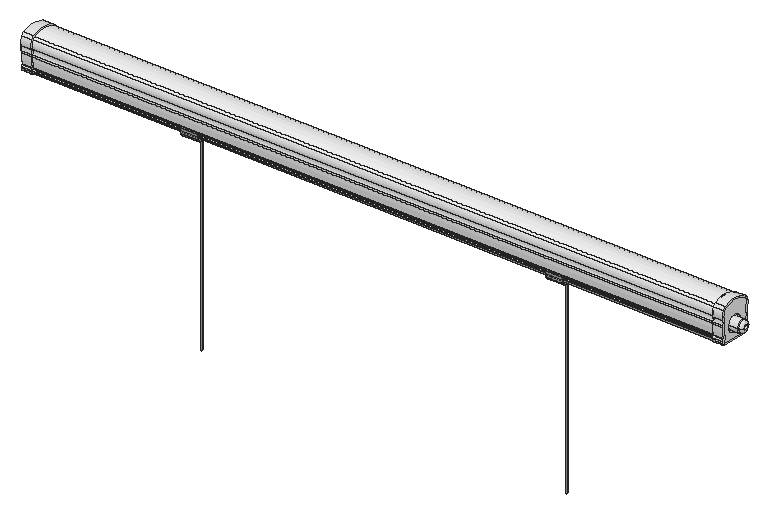
Revit family "0046032_suspended", category Lighting Fixtures, host Face, Revit 2016
Family settings
  Host = Face
  Part Type = Normal
  Round Connector Dimension = Use Diameter
  OmniClass Number = 23.80.70.00
  OmniClass Title = Lighting
  Cut with Voids When Loaded = No
  Light Source = No
  Shared = No
  Room Calculation Point = No
Parameters (values of type "0046032 ST WTRPRF SLIM 1500 IP65 6200LM 840")
  Weight = "8.88 kg"
  Wattage Comments = ""
  WarrantyStartDate [instance] = "n/a"
  WarrantyGuarantorParts = "n/a"
  WarrantyDurationUnit = "n/a"
  WarrantyDurationParts = "n/a"
  WarrantyDescription = "n/a"
  Voltage = 0 V
  URL = "http://www.sylvania-lighting.com"
  TypeName = "START Waterproof Slim 1500 IP65 6200lm 840"
  TypeFixture_SYL = START Waterproof Slim Fixture : 0046032 ST WTRPRF SLIM 1500 IP65 6200LM 840
  Type Image = <None>
  Type Comments = "n/a"
  SuspensionHeight_SYL [instance] = 400 mm
  SerialNumber [instance] = "n/a"
  S_SYL = no
  Material_3_SYL = Aluminum
  PowerFactor = 0.9
  PowerConsumption = "50 W"
  NominalLength = 1448 mm
  NominalHeight = 75 mm
  NominalDepth = 63 mm
  Name = "START Waterproof Slim 1500 IP65 6200lm 840"
  ModelReference = Name  # "START Waterproof Slim 1500 IP65 6200lm 840"
  ModelNumber = "0046032"
  Model = Name  # "START Waterproof Slim 1500 IP65 6200lm 840"
  Material = "n/a"
  ManufacturerName = "Feilo Sylvania"
  Manufacturer = "Feilo Sylvania"
  M_SYL = no
  LuminousEfficacy = "130 lm/W"
  LuminaireType = ""
  LightOutputRatio = "n/a"
  LampsType = Lamp  # "LED"
  LampNominalLuminous = "6500 lm"
  LampMacAdamStep = "n/a"
  LampColourTemperature = "4000 K"
  LampColourRenderingIndex = "80"
  Lamp = "LED"
  Keynote = "16500"
  InstallationDate [instance] = "n/a"
  InputVoltage = "n/a"
  InputNominalFrequency = "n/a"
  IngressProtection = "IP65"
  ImpactProtectionIndex = "IK08"
  IfcExportType = "IfcLightFixtureType"
  IfcExportAs = "IfcLightFixtureType"
  ElectricShockClassification = "Class I"
  DocumentationLiterature = "http://www.sylvania-lighting.com/product/en-int/products/0046032"
  DimmingControlOptions = "n/a"
  Material_2_SYL = Diffuser-Sylvania
  Description = "START Waterproof Slim is a LED integrated polycarbonate housing luminaire with easy to access electrical terminal through bayonet lock end caps and tool-free electrical connection due to push-in terminal. Flexible installation as mounting brackets can be positioned freely on the luminaire. 50W; 6500lm; High efficiency with 130lm/W and 50,000 lifetime. SDCM ≤6; IP65; IK08; Class I; 1489mm x 63mm x 75mm ,"
  Default Elevation = 1219.2 mm
  CreatedOn = "3/5/2019"
  CreatedBy = "@sylvania-lighting.com"
  Cost = 0
  built-in parameter 1114216 [instance] = (empty or 0)
  ClassificationValue = "EF_70_80"
  ClassificationName = "Uniclass2015"
  Material_1_SYL = PC/ABS Plastic
  BracketDistance_SYL = if(S_SYL, 300 mm, if(M_SYL, 600 mm, 750 mm))  # 750 mm
  BarCode [instance] = "n/a"
  AssetType = "Fixed"
  AssetIdentifier [instance] = "n/a"
  Assembly Code = "D5020200"
  Apparent Load = 50 VA
  Material_4_SYL = none
Reference planes
  plane 1 "Center (Front/Back)": y = 0
  plane 2: z = 0
  plane 3 "Center (Left/Right)": x = 0
  plane 4: x = -375
  plane 5: x = 375
  plane 6: z = 400
Forms (mm)
  Extrusion 1, solid, material "Aluminum" <- "Material_3_SYL"
    sketch origin (0, 0, 0) x (1, 0, 0) y (0, 1, 0)
      loop
        circle (-375, 0) r 2
      loop
        circle (375, 0) r 2
    from 0 to 400
Dimensions and locks
  equal spacing: plane 4, plane 3 "Center (Left/Right)", plane 5
  "BracketDistance_SYL": plane 4 to plane 5
  "SuspensionHeight_SYL": plane 6 to plane 2
  aligned and locked: plane 2 to host face
  aligned and locked: level to host face
  aligned and locked: Extrusion 1 to plane 6
  aligned and locked: plane 3 "Center (Left/Right)" to nested 1
  aligned and locked: plane 1 "Center (Front/Back)" to nested 1
Automatic sketch dimensions
  host sketch curve to host sketch curve = 2438.4 mm  (x2)
  plane 1 "Center (Front/Back)" to Extrusion 1 sketch curve = 0 mm  (x2)
  Extrusion 1 sketch curve to plane 4 = 0 mm
  Extrusion 1 sketch curve to plane 5 = 0 mm
  radius of Extrusion 1 sketch curve = 2 mm  (x2)
Nested families
  nested 1: "START Waterproof Slim Fixture" at (0, 0, 400), type <- "TypeFixture_SYL", type "0046032 ST WTRPRF SLIM 1500 IP65 6200LM 840"
    with WarrantyStartDate "n/a", SerialNumber "n/a", InstallationDate "n/a", built-in parameter 1114216 (empty or 0), BarCode "n/a", AssetIdentifier "n/a"
Definition of nested family "START Waterproof Slim Fixture"
  Parameters (values of type "0046034 ST WTRPRF SLIM 1500 IP65 3500LM 840")
    Weight = "8.64 kg"
    Wattage Comments = ""
    Wattage = 28 W
    WarrantyStartDate [instance] = "n/a"
    WarrantyGuarantorParts = "n/a"
    WarrantyDurationUnit = "n/a"
    WarrantyDurationParts = "n/a"
    WarrantyDescription = "n/a"
    built-in parameter 1150110 = 1 (stored number, unit not read)
    Voltage = 0 V
    URL = "http://www.sylvania-lighting.com"
    TypeName = "START Waterproof Slim 1500 IP65 3500lm 840"
    Type Image = (empty or 0)
    Type Comments = "n/a"
    built-in parameter 1114217 = 1 (stored number, unit not read)
    Tilt Angle = -90.00°
    built-in parameter 1150109 = 1 (stored number, unit not read)
    built-in parameter 1150134 = 12
    built-in parameter 1150113 = 1 (stored number, unit not read)
    SerialNumber [instance] = "n/a"
    S_SYL = no
    Photometric Web File = "0046034.ies"
    Material_3_SYL = none
    PowerFactor = 0.9
    PowerConsumption = "28 W"
    NominalLength = 1448 mm
    NominalHeight = 75 mm
    NominalDepth = 63 mm
    Name = "START Waterproof Slim 1500 IP65 3500lm 840"
    ModelReference = Name  # "START Waterproof Slim 1500 IP65 3500lm 840"
    ModelNumber = "0046034"
    Model = Name  # "START Waterproof Slim 1500 IP65 3500lm 840"
    Material = "n/a"
    ManufacturerName = "Feilo Sylvania"
    Manufacturer = "Feilo Sylvania"
    M_SYL = no
    LuminousEfficacy = "130 lm/W"
    built-in parameter 1150105 = 289.66 (stored number, unit not read)
    Lumens = 3640 lm
    LuminaireType = ""
    built-in parameter 1150115 = 1 (stored number, unit not read)
    LightOutputRatio = "n/a"
    built-in parameter 1150137 = (empty or 0)
    built-in parameter 1150139 = (empty or 0)
    Length_SYL = if(S_SYL, 601 mm, if(M_SYL, 1161 mm, 1442 mm))  # 1442 mm
    LampsType = Lamp  # "LED"
    LampNominalLuminous = "3650 lm"
    LampMacAdamStep = "n/a"
    LampColourTemperature = "4000 K"
    LampColourRenderingIndex = "80"
    built-in parameter 1150112 = 1 (stored number, unit not read)
    built-in parameter 1150114 = 1 (stored number, unit not read)
    Lamp = "LED"
    Keynote = "16500"
    InstallationDate [instance] = "n/a"
    InputVoltage = "n/a"
    InputNominalFrequency = "n/a"
    built-in parameter 1150132 = (empty or 0)
    built-in parameter 1150102 = (empty or 0)
    built-in parameter 1150107 = 4000 (stored number, unit not read)
    built-in parameter 1150138 = (empty or 0)
    IngressProtection = "IP65"
    ImpactProtectionIndex = "IK08"
    built-in parameter 1150106 = 2.8966 (stored number, unit not read)
    IfcExportType = "IfcLightFixtureType"
    IfcExportAs = "IfcLightFixtureType"
    Emit from Rectangle Width = 60 mm
    Emit from Rectangle Length = Length_SYL - 41 mm  # 1401 mm
    Emit Shape Visible in Rendering = no
    ElectricShockClassification = "Class I"
    built-in parameter 1150104 = 12.077 (stored number, unit not read)
    DocumentationLiterature = "http://www.sylvania-lighting.com/product/en-int/products/0046034"
    DimmingControlOptions = "n/a"
    Material_2_SYL = none
    Dimming Lamp Color Temperature Shift = (empty or 0)
    Description = "START Waterproof Slim is a LED integrated polycarbonate housing luminaire with easy to access electrical terminal through bayonet lock end caps and tool-free electrical connection due to push-in terminal. Flexible installation as mounting brackets can be positioned freely on the luminaire. 28W; 3650lm; High efficiency with 130lm/W and 50,000 lifetime. SDCM ≤6; IP65; IK08; Class I; 1489mm x 63mm x 75mm ,"
    Default Elevation = 1219.2 mm
    CreatedOn = "3/5/2019"
    CreatedBy = "@sylvania-lighting.com"
    Cost = 0
    Color Filter = 16777215
    built-in parameter 1114216 [instance] = (empty or 0)
    ClassificationValue = "EF_70_80"
    ClassificationName = "Uniclass2015"
    Material_1_SYL = none
    BracketDistance_SYL = if(S_SYL, 300 mm, if(M_SYL, 600 mm, 750 mm))  # 750 mm
    BarCode [instance] = "n/a"
    built-in parameter 1114218 = 1 (stored number, unit not read)
    built-in parameter 1150133 = 10 (stored number, unit not read)
    AssetType = "Fixed"
    AssetIdentifier [instance] = "n/a"
    Assembly Code = "D5020200"
    Apparent Load = 28 VA
    Material_4_SYL = none
  Types (5, lengths in mm): name | Weight | Wattage | TypeName | S_SYL | Photometric Web File | PowerConsumption | NominalLength | Name | ModelReference | ModelNumber | Model | M_SYL | built-in parameter 1150105 | Lumens | Length_SYL | LampNominalLuminous | built-in parameter 1150106 | Emit from Rectangle Length | DocumentationLiterature | Description | BracketDistance_SYL | Apparent Load
    0046034 ST WTRPRF SLIM 1500 IP65 3500LM 840 | "8.64 kg" | 28 W | "START Waterproof Slim 1500 IP65 3500lm 840" | no | "0046034.ies" | "28 W" | 1448 | "START Waterproof Slim 1500 IP65 3500lm 840" | "START Waterproof Slim 1500 IP65 3500lm 840" | "0046034" | "START Waterproof Slim 1500 IP65 3500lm 840" | no | 289.66 (stored number, unit not read) | 3640 lm | 1442 | "3650 lm" | 2.8966 (stored number, unit not read) | 1401 | "http://www.sylvania-lighting.com/product/en-int/products/0046034" | "START Waterproof Slim is a LED integrated polycarbonate housing luminaire with easy to access electrical terminal through bayonet lock end caps and tool-free electrical connection due to push-in terminal. Flexible installation as mounting brackets can be positioned freely on the luminaire. 28W; 3650lm; High efficiency with 130lm/W and 50,000 lifetime. SDCM ≤6; IP65; IK08; Class I; 1489mm x 63mm x 75mm ," | 750 | 28 VA
    0046033 ST WTRPRF SLIM 1200 IP65 2400LM 840 | "7.26 kg" | 19 W | "START Waterproof Slim 1200 IP65 2400lm 840" | no | "0046033.ies" | "19 W" | 1208 | "START Waterproof Slim 1200 IP65 2400lm 840" | "START Waterproof Slim 1200 IP65 2400lm 840" | "0046033" | "START Waterproof Slim 1200 IP65 2400lm 840" | yes | 196.56 (stored number, unit not read) | 2470 lm | 1161 | "2400 lm" | 1.9656 (stored number, unit not read) | 1120 | "http://www.sylvania-lighting.com/product/en-int/products/0046033" | "START Waterproof Slim is a LED integrated polycarbonate housing luminaire with easy to access electrical terminal through bayonet lock end caps and tool-free electrical connection due to push-in terminal. Flexible installation as mounting brackets can be positioned freely on the luminaire. 19W; 2400lm; High efficiency with 130lm/W and 50,000 lifetime. SDCM ≤6; IP65; IK08; Class I; 1208mm x 63mm x 75mm ," | 600 | 19 VA
    0046032 ST WTRPRF SLIM 1500 IP65 6200LM 840 | "8.88 kg" | 50 W | "START Waterproof Slim 1500 IP65 6200lm 840" | no | "0046032.ies" | "50 W" | 1448 | "START Waterproof Slim 1500 IP65 6200lm 840" | "START Waterproof Slim 1500 IP65 6200lm 840" | "0046032" | "START Waterproof Slim 1500 IP65 6200lm 840" | no | 517.25 (stored number, unit not read) | 6500 lm | 1442 | "6500 lm" | 5.1725 (stored number, unit not read) | 1401 | "http://www.sylvania-lighting.com/product/en-int/products/0046032" | "START Waterproof Slim is a LED integrated polycarbonate housing luminaire with easy to access electrical terminal through bayonet lock end caps and tool-free electrical connection due to push-in terminal. Flexible installation as mounting brackets can be positioned freely on the luminaire. 50W; 6500lm; High efficiency with 130lm/W and 50,000 lifetime. SDCM ≤6; IP65; IK08; Class I; 1489mm x 63mm x 75mm ," | 750 | 50 VA
    0046031 ST WTRPRF SLIM 1200 IP65 4600LM 840 | "7.38 kg" | 35 W | "START Waterproof Slim 1200 IP65 4600lm 840" | no | "0046031.ies" | "35 W" | 1208 | "START Waterproof Slim 1200 IP65 4600lm 840" | "START Waterproof Slim 1200 IP65 4600lm 840" | "0046031" | "START Waterproof Slim 1200 IP65 4600lm 840" | yes | 362.08 (stored number, unit not read) | 4550 lm | 1161 | "4550 lm" | 3.6208 (stored number, unit not read) | 1120 | "http://www.sylvania-lighting.com/product/en-int/products/0046031" | "START Waterproof Slim is a LED integrated polycarbonate housing luminaire with easy to access electrical terminal through bayonet lock end caps and tool-free electrical connection due to push-in terminal. Flexible installation as mounting brackets can be positioned freely on the luminaire. 35W; 4550lm; High efficiency with 130lm/W and 50,000 lifetime. SDCM ≤6; IP65; IK08; Class I; 1208mm x 63mm x 75mm ," | 600 | 35 VA
    0046030 ST WTRPRF SLIM 600 IP65 2400LM 840 | "6.0 kg" | 19 W | "START Waterproof Slim 600 IP65 2400lm 840" | yes | "0046030.ies" | "19 W" | 648 | "START Waterproof Slim 600 IP65 2400lm 840" | "START Waterproof Slim 600 IP65 2400lm 840" | "0046030" | "START Waterproof Slim 600 IP65 2400lm 840" | no | 196.56 (stored number, unit not read) | 2470 lm | 601 | "2400 lm" | 1.9656 (stored number, unit not read) | 560 | "http://www.sylvania-lighting.com/product/en-int/products/0046030" | "START Waterproof Slim is a LED integrated polycarbonate housing luminaire with easy to access electrical terminal through bayonet lock end caps and tool-free electrical connection due to push-in terminal. Flexible installation as mounting brackets can be positioned freely on the luminaire. 19W; 2400lm; High efficiency with 130lm/W and 50,000 lifetime. SDCM ≤6; IP65; IK08; Class I; 648mm x 63mm x 75mm ," | 300 | 19 VA
  Reference planes
    plane 1 "Center (Front/Back)": y = 0
    plane 2: z = 0
    plane 3 "Center (Left/Right)": x = 0
    plane 4: y = 31.5
    plane 5: y = -31.5
    plane 6: z = 86
    plane 7: z = 5
    plane 8: x = -721
    plane 9: x = 721
    plane 10: x = -700.5
    plane 11: x = 700.5
    plane 12: x = -720
    plane 13: x = 720
    plane 14: z = 33.7
    plane 15: y = 11
    plane 16: x = 716
    plane 17: x = -716
    plane 18: y = 17
    plane 19: x = 736.5
    plane 20: x = -736.5
    plane 21: x = 742.7
    plane 22: x = -742.7
    plane 23: y = 12.2
    plane 24: y = 6.2
    plane 25: z = 1
    plane 26: y = 26
    plane 27: y = -26
    plane 28: z = 15
    plane 29: x = -375
    plane 30: x = 375
    plane 31: x = -392.5
    plane 32: x = -357.5
    plane 33: x = 392.5
    plane 34: x = 357.5
  Forms (mm)
    Extrusion 1, solid
      sketch origin (4.2, 0, 0) x (1, 0, 0) y (0, 1, 0)
        loop
          line (-1219.2, 1219.2) -> (-1219.2, -1219.2) -> (1219.2, -1219.2) -> (1219.2, 1219.2) -> (-1219.2, 1219.2)
      from 0 to -68.017
    Extrusion 2, solid
      sketch origin (0, 0, 5) x (0, 1, 0) y (0, 0, 1)
        loop
          arc (26.446, 12.356) -> (28.93, 23.033) -> (29.9, 33.951) r 78.424
          arc (29.9, 33.951) -> (29.789, 35.375) -> (29.407, 36.75) r 7.401
          arc (29.407, 36.75) -> (28.37, 42.326) -> (29.407, 47.901) r 15.507
          arc (29.407, 47.901) -> (30.59, 55.782) -> (28.321, 63.421) r 18.358
          arc (28.321, 63.421) -> (26.333, 66.056) -> (23.699, 68.044) r 11.911
          arc (23.699, 68.044) -> (0, 74.189) -> (-23.699, 68.044) r 48.773
          arc (-23.699, 68.044) -> (-26.333, 66.056) -> (-28.321, 63.421) r 11.911
          arc (-28.321, 63.421) -> (-30.59, 55.782) -> (-29.407, 47.901) r 18.358
          arc (-29.407, 47.901) -> (-28.37, 42.326) -> (-29.407, 36.75) r 15.507
          arc (-29.407, 36.75) -> (-29.789, 35.375) -> (-29.9, 33.951) r 7.401
          arc (-29.9, 33.951) -> (-28.93, 23.033) -> (-26.446, 12.356) r 78.424
          line (-26.446, 12.356) -> (-26.446, 9.516) -> (-28.478, 9.516)
          arc (-28.478, 9.516) -> (-29.483, 9.1) -> (-29.9, 8.094) r 1.422
          line (-29.9, 8.094) -> (-29.9, 5.51)
          arc (-29.9, 5.51) -> (-28.755, 2.745) -> (-25.99, 1.6) r 3.91
          line (-25.99, 1.6) -> (0, 1.6) -> (25.99, 1.6)
          arc (25.99, 1.6) -> (28.755, 2.745) -> (29.9, 5.51) r 3.91
          line (29.9, 5.51) -> (29.9, 8.094)
          arc (29.9, 8.094) -> (29.483, 9.1) -> (28.478, 9.516) r 1.422
          line (28.478, 9.516) -> (26.446, 9.516) -> (26.446, 12.356)
      from -700.5 to 700.5
    Extrusion 3, solid, material <- "Material_1_SYL"
      sketch origin (700.5, 1524, 1224.2) x (0, 1, 0) y (0, 0, 1)
        loop
          line (-1552.046, -1207.084) -> (-1552.046, -1208.115)
          arc (-1552.046, -1208.115) -> (-1554.456, -1208.821) -> (-1555.5, -1211.106) r 3.022
          line (-1555.5, -1211.106) -> (-1555.5, -1213.69)
          arc (-1555.5, -1213.69) -> (-1553.886, -1217.586) -> (-1549.99, -1219.2) r 5.51
          line (-1549.99, -1219.2) -> (-1524, -1219.2) -> (-1498.01, -1219.2)
          arc (-1498.01, -1219.2) -> (-1494.114, -1217.586) -> (-1492.5, -1213.69) r 5.51
          line (-1492.5, -1213.69) -> (-1492.5, -1211.106)
          arc (-1492.5, -1211.106) -> (-1493.544, -1208.821) -> (-1495.954, -1208.115) r 3.022
          line (-1495.954, -1208.115) -> (-1495.954, -1207.084)
          arc (-1495.954, -1207.084) -> (-1493.471, -1196.301) -> (-1492.5, -1185.279) r 80.024
          arc (-1492.5, -1185.279) -> (-1492.635, -1183.547) -> (-1493.1, -1181.874) r 9.001
          arc (-1493.1, -1181.874) -> (-1494.03, -1176.874) -> (-1493.1, -1171.874) r 13.907
          arc (-1493.1, -1171.874) -> (-1491.814, -1163.307) -> (-1494.28, -1155.001) r 19.958
          arc (-1494.28, -1155.001) -> (-1496.535, -1152.013) -> (-1499.524, -1149.758) r 13.511
          arc (-1499.524, -1149.758) -> (-1524, -1143.411) -> (-1548.476, -1149.758) r 50.373
          arc (-1548.476, -1149.758) -> (-1551.465, -1152.013) -> (-1553.72, -1155.001) r 13.511
          arc (-1553.72, -1155.001) -> (-1556.186, -1163.307) -> (-1554.9, -1171.874) r 19.958
          arc (-1554.9, -1171.874) -> (-1553.97, -1176.874) -> (-1554.9, -1181.874) r 13.907
          arc (-1554.9, -1181.874) -> (-1555.365, -1183.547) -> (-1555.5, -1185.279) r 9.001
          arc (-1555.5, -1185.279) -> (-1554.529, -1196.301) -> (-1552.046, -1207.084) r 80.024
      from 0 to 20.5
    Extrusion 4, solid, material <- "Material_1_SYL"
      sketch origin (-700.5, 1524, 1224.2) x (0, 1, 0) y (0, 0, 1)
        loop
          arc (-1499.524, -1149.758) -> (-1524, -1143.411) -> (-1548.476, -1149.758) r 50.373
          arc (-1548.476, -1149.758) -> (-1551.465, -1152.013) -> (-1553.72, -1155.001) r 13.511
          arc (-1553.72, -1155.001) -> (-1556.186, -1163.307) -> (-1554.9, -1171.874) r 19.958
          arc (-1554.9, -1171.874) -> (-1553.97, -1176.874) -> (-1554.9, -1181.874) r 13.907
          arc (-1554.9, -1181.874) -> (-1555.365, -1183.547) -> (-1555.5, -1185.279) r 9.001
          arc (-1555.5, -1185.279) -> (-1554.529, -1196.301) -> (-1552.046, -1207.084) r 80.024
          line (-1552.046, -1207.084) -> (-1552.046, -1208.115)
          arc (-1552.046, -1208.115) -> (-1554.456, -1208.821) -> (-1555.5, -1211.106) r 3.022
          line (-1555.5, -1211.106) -> (-1555.5, -1213.69)
          arc (-1555.5, -1213.69) -> (-1553.886, -1217.586) -> (-1549.99, -1219.2) r 5.51
          line (-1549.99, -1219.2) -> (-1524, -1219.2) -> (-1498.01, -1219.2)
          arc (-1498.01, -1219.2) -> (-1494.114, -1217.586) -> (-1492.5, -1213.69) r 5.51
          line (-1492.5, -1213.69) -> (-1492.5, -1211.106)
          arc (-1492.5, -1211.106) -> (-1493.544, -1208.821) -> (-1495.954, -1208.115) r 3.022
          line (-1495.954, -1208.115) -> (-1495.954, -1207.084)
          arc (-1495.954, -1207.084) -> (-1493.471, -1196.301) -> (-1492.5, -1185.279) r 80.024
          arc (-1492.5, -1185.279) -> (-1492.635, -1183.547) -> (-1493.1, -1181.874) r 9.001
          arc (-1493.1, -1181.874) -> (-1494.03, -1176.874) -> (-1493.1, -1171.874) r 13.907
          arc (-1493.1, -1171.874) -> (-1491.814, -1163.307) -> (-1494.28, -1155.001) r 19.958
          arc (-1494.28, -1155.001) -> (-1496.535, -1152.013) -> (-1499.524, -1149.758) r 13.511
      from -20.5 to 0
    Extrusion 5, void
      sketch origin (721, 1524, 1224.2) x (0, -1, 0) y (0, 0, 1)
        loop
          arc (1553.033, -1171.155) -> (1554.191, -1163.446) -> (1551.972, -1155.973) r 17.958
          arc (1551.972, -1155.973) -> (1550.051, -1153.427) -> (1547.504, -1151.506) r 11.511
          arc (1547.504, -1151.506) -> (1524, -1145.411) -> (1500.496, -1151.506) r 48.373
          arc (1500.496, -1151.506) -> (1497.949, -1153.427) -> (1496.028, -1155.973) r 11.511
          arc (1496.028, -1155.973) -> (1493.809, -1163.446) -> (1494.967, -1171.155) r 17.958
          arc (1494.967, -1171.155) -> (1496.03, -1176.874) -> (1494.967, -1182.593) r 15.907
          arc (1494.967, -1182.593) -> (1494.605, -1183.895) -> (1494.5, -1185.241) r 7.001
          arc (1494.5, -1185.241) -> (1495.47, -1196.134) -> (1497.954, -1206.784) r 78.024
          line (1497.954, -1206.784) -> (1497.954, -1210.094) -> (1495.668, -1210.094)
          arc (1495.668, -1210.094) -> (1494.853, -1210.333) -> (1494.5, -1211.106) r 1.022
          line (1494.5, -1211.106) -> (1494.5, -1213.69)
          arc (1494.5, -1213.69) -> (1495.528, -1216.172) -> (1498.01, -1217.2) r 3.51
          line (1498.01, -1217.2) -> (1524, -1217.2) -> (1549.99, -1217.2)
          arc (1549.99, -1217.2) -> (1552.472, -1216.172) -> (1553.5, -1213.69) r 3.51
          line (1553.5, -1213.69) -> (1553.5, -1211.106)
          arc (1553.5, -1211.106) -> (1553.147, -1210.333) -> (1552.332, -1210.094) r 1.022
          line (1552.332, -1210.094) -> (1550.046, -1210.094) -> (1550.046, -1206.784)
          arc (1550.046, -1206.784) -> (1552.53, -1196.134) -> (1553.5, -1185.241) r 78.024
          arc (1553.5, -1185.241) -> (1553.395, -1183.895) -> (1553.033, -1182.593) r 7.001
          arc (1553.033, -1182.593) -> (1551.97, -1176.874) -> (1553.033, -1171.155) r 15.907
      from 0 to 1
    Extrusion 6, void
      sketch origin (-721, 1524, 1224.2) x (0, -1, 0) y (0, 0, 1)
        loop
          arc (1547.504, -1151.506) -> (1524, -1145.411) -> (1500.496, -1151.506) r 48.373
          arc (1500.496, -1151.506) -> (1497.949, -1153.427) -> (1496.028, -1155.973) r 11.511
          arc (1496.028, -1155.973) -> (1493.809, -1163.446) -> (1494.967, -1171.155) r 17.958
          arc (1494.967, -1171.155) -> (1496.03, -1176.874) -> (1494.967, -1182.593) r 15.907
          arc (1494.967, -1182.593) -> (1494.605, -1183.895) -> (1494.5, -1185.241) r 7.001
          arc (1494.5, -1185.241) -> (1495.47, -1196.134) -> (1497.954, -1206.784) r 78.024
          line (1497.954, -1206.784) -> (1497.954, -1210.094) -> (1495.668, -1210.094)
          arc (1495.668, -1210.094) -> (1494.853, -1210.333) -> (1494.5, -1211.106) r 1.022
          line (1494.5, -1211.106) -> (1494.5, -1213.69)
          arc (1494.5, -1213.69) -> (1495.528, -1216.172) -> (1498.01, -1217.2) r 3.51
          line (1498.01, -1217.2) -> (1524, -1217.2) -> (1549.99, -1217.2)
          arc (1549.99, -1217.2) -> (1552.472, -1216.172) -> (1553.5, -1213.69) r 3.51
          line (1553.5, -1213.69) -> (1553.5, -1211.106)
          arc (1553.5, -1211.106) -> (1553.147, -1210.333) -> (1552.332, -1210.094) r 1.022
          line (1552.332, -1210.094) -> (1550.046, -1210.094) -> (1550.046, -1206.784)
          arc (1550.046, -1206.784) -> (1552.53, -1196.134) -> (1553.5, -1185.241) r 78.024
          arc (1553.5, -1185.241) -> (1553.395, -1183.895) -> (1553.033, -1182.593) r 7.001
          arc (1553.033, -1182.593) -> (1551.97, -1176.874) -> (1553.033, -1171.155) r 15.907
          arc (1553.033, -1171.155) -> (1554.191, -1163.446) -> (1551.972, -1155.973) r 17.958
          arc (1551.972, -1155.973) -> (1550.051, -1153.427) -> (1547.504, -1151.506) r 11.511
      from 0 to -1
    Revolve 7, void
      sketch origin (0, 1219.2, 33.7) x (1, 0, 0) y (0, 1, 0)
        loop
          line (720, -1202.2) -> (716, -1202.2) -> (716, -1219.2) -> (720, -1219.2) -> (720, -1202.2)
        loop
          line (-716, -1219.2) -> (-716, -1202.2) -> (-720, -1202.2) -> (-720, -1219.2) -> (-716, -1219.2)
        axis (720, -1219.2) -> (-720, -1219.2)
      angle from 360 to 0
    Revolve 8, solid, material <- "Material_1_SYL"
      sketch origin (0, 1219.2, 33.7) x (1, 0, 0) y (0, 1, 0)
        loop
          line (716, -1219.2) -> (736.5, -1219.2) -> (736.5, -1213) -> (742.7, -1213)
          arc (742.7, -1213) -> (740.42, -1209.54) -> (736.5, -1208.2) r 6.404
          line (736.5, -1208.2) -> (736.5, -1207) -> (716, -1207) -> (716, -1219.2)
        loop
          line (-716, -1219.2) -> (-716, -1207) -> (-736.5, -1207) -> (-736.5, -1208.2)
          arc (-736.5, -1208.2) -> (-740.42, -1209.54) -> (-742.7, -1213) r 6.404
          line (-742.7, -1213) -> (-736.5, -1213) -> (-736.5, -1219.2) -> (-716, -1219.2)
        axis (742.7, -1219.2) -> (-742.7, -1219.2)
      angle from 360 to 0
    Extrusion 9, solid, material <- "Material_3_SYL"
      sketch origin (-375, 1524, 1214.2) x (0, 1, 0) y (0, 0, 1)
        loop
          line (-1498, -1213.2) -> (-1550, -1213.2) -> (-1555.5, -1207.7) -> (-1555.5, -1199.2) -> (-1550.446, -1199.2) -> (-1550.446, -1198.2) -> (-1556.5, -1198.2) -> (-1556.5, -1208.114) -> (-1550.414, -1214.2) -> (-1497.586, -1214.2) -> (-1491.5, -1208.114) -> (-1491.5, -1198.2) -> (-1497.554, -1198.2) -> (-1497.554, -1199.2) -> (-1492.5, -1199.2) -> (-1492.5, -1207.7) -> (-1498, -1213.2)
      from -17.5 to 17.5
    Extrusion 10, solid, material <- "Material_3_SYL"
      sketch origin (375, 1524, 1214.2) x (0, 1, 0) y (0, 0, 1)
        loop
          line (-1550, -1213.2) -> (-1555.5, -1207.7) -> (-1555.5, -1199.2) -> (-1550.446, -1199.2) -> (-1550.446, -1198.2) -> (-1556.5, -1198.2) -> (-1556.5, -1208.114) -> (-1550.414, -1214.2) -> (-1497.586, -1214.2) -> (-1491.5, -1208.114) -> (-1491.5, -1198.2) -> (-1497.554, -1198.2) -> (-1497.554, -1199.2) -> (-1492.5, -1199.2) -> (-1492.5, -1207.7) -> (-1498, -1213.2) -> (-1550, -1213.2)
      from -17.5 to 17.5
  Cuts and joins
    Extrusion 5, Revolve 7 cuts Extrusion 3
    Extrusion 6, Revolve 7 cuts Extrusion 4
  Lines and regions (mm)
    reference lines
      curve 1: line (0, 0, 5) -> (0, -25.99, 5)
      curve 2: line (0, -31.5, 10.51) -> (0, -31.5, 13.094)
      curve 3: line (0, -28.478, 16.116) -> (0, -28.046, 16.116)
      curve 4: line (0, -28.046, 16.116) -> (0, -28.046, 17.116)
      curve 5: arc (0, -28.046, 17.116) -> (0, -30.529, 27.899) -> (0, -31.5, 38.921) r 80.024
      curve 6: arc (0, -31.5, 38.921) -> (0, -31.365, 40.653) -> (0, -30.9, 42.326) r 9.001
      curve 7: arc (0, -30.9, 42.326) -> (0, -29.97, 47.326) -> (0, -30.9, 52.326) r 13.907
      curve 8: arc (0, -30.9, 52.326) -> (0, -32.186, 60.893) -> (0, -29.72, 69.199) r 19.958
      curve 9: arc (0, -29.72, 69.199) -> (0, -27.465, 72.187) -> (0, -24.476, 74.442) r 13.511
      curve 10: arc (0, -31.5, 13.094) -> (0, -30.615, 15.231) -> (0, -28.478, 16.116) r 3.022
      curve 11: arc (0, -25.99, 5) -> (0, -29.886, 6.614) -> (0, -31.5, 10.51) r 5.51
      curve 12: line (0, 0, 5) -> (0, 25.99, 5)
      curve 13: line (0, 31.5, 10.51) -> (0, 31.5, 13.094)
      curve 14: line (0, 28.478, 16.116) -> (0, 28.046, 16.116)
      curve 15: line (0, 28.046, 16.116) -> (0, 28.046, 17.116)
      curve 16: arc (0, 28.046, 17.116) -> (0, 30.529, 27.899) -> (0, 31.5, 38.921) r 80.024
      curve 17: arc (0, 31.5, 38.921) -> (0, 31.365, 40.653) -> (0, 30.9, 42.326) r 9.001
      curve 18: arc (0, 30.9, 42.326) -> (0, 29.97, 47.326) -> (0, 30.9, 52.326) r 13.907
      curve 19: arc (0, 30.9, 52.326) -> (0, 32.186, 60.893) -> (0, 29.72, 69.199) r 19.958
      curve 20: arc (0, 29.72, 69.199) -> (0, 27.465, 72.187) -> (0, 24.476, 74.442) r 13.511
      curve 21: arc (0, 31.5, 13.094) -> (0, 30.615, 15.231) -> (0, 28.478, 16.116) r 3.022
      curve 22: arc (0, 25.99, 5) -> (0, 29.886, 6.614) -> (0, 31.5, 10.51) r 5.51
      curve 23: arc (0, -24.476, 74.442) -> (0, 0, 80.789) -> (0, 24.476, 74.442) r 50.373
      curve 24: circle (0, 0, 33.7) r 17 normal (1, 0, 0)
      curve 25: circle (0, 0, 33.7) r 11 normal (1, 0, 0)
      curve 26: line (0, -26, 1) -> (0, -31.5, 6.5)
      curve 27: line (0, 26, 1) -> (0, 31.5, 6.5)
  Dimensions and locks
    equal spacing: plane 5, plane 1 "Center (Front/Back)", plane 4
    plane 5 to plane 4 = 63 mm
    equal spacing: plane 8, plane 3 "Center (Left/Right)", plane 9
    "Length_SYL": plane 8 to plane 9
    equal spacing: plane 10, plane 3 "Center (Left/Right)", plane 11
    locked: plane 8 to plane 10 at 20.5
    equal spacing: plane 12, plane 3 "Center (Left/Right)", plane 13
    locked: plane 8 to plane 12 at 1
    locked: plane 7 to plane 14 at 28.7
    equal spacing: plane 17, plane 3 "Center (Left/Right)", plane 16
    locked: plane 12 to plane 17 at 4
    locked: plane 1 "Center (Front/Back)" to plane 15 at 11
    locked: plane 1 "Center (Front/Back)" to plane 18 at 17
    equal spacing: plane 20, plane 3 "Center (Left/Right)", plane 19
    equal spacing: plane 22, plane 3 "Center (Left/Right)", plane 21
    locked: plane 20 to plane 12 at 16.5
    locked: plane 22 to plane 20 at 6.2
    locked: plane 15 to plane 23 at 1.2
    locked: plane 1 "Center (Front/Back)" to plane 24 at 6.2
    locked: plane 25 to plane 7 at 4
    equal spacing: plane 27, plane 1 "Center (Front/Back)", plane 26
    locked: plane 27 to plane 26 at 52
    locked: plane 7 to plane 28 at 10
    equal spacing: plane 29, plane 3 "Center (Left/Right)", plane 30
    "BracketDistance_SYL": plane 29 to plane 30
    plane 31 to plane 29 to plane 32 = 17.5 mm locked, 17.5 mm locked
    plane 34 to plane 30 to plane 33 = 17.5 mm locked, 17.5 mm locked
    aligned and locked: plane 2 to Extrusion 1
    aligned and locked: level to Extrusion 1
    aligned and locked: curve 1 to plane 7
    aligned and locked: curve 2 to plane 5
    aligned and locked: plane 5 to curve 5
    aligned and locked: Extrusion 2 to plane 10
    aligned and locked: plane 11 to Extrusion 2
    aligned and locked: Extrusion 3 sketch curve to curve 5
    aligned and locked: Extrusion 3 sketch curve to curve 6
    aligned and locked: Extrusion 3 sketch curve to curve 7
    aligned and locked: Extrusion 3 sketch curve to curve 8
    aligned and locked: Extrusion 3 sketch curve to curve 9
    aligned and locked: Extrusion 3 sketch curve to curve 23
    aligned and locked: Extrusion 3 sketch curve to curve 20
    aligned and locked: Extrusion 3 sketch curve to curve 19
    aligned and locked: Extrusion 3 sketch curve to curve 18
    aligned and locked: Extrusion 3 sketch curve to curve 17
    aligned and locked: Extrusion 3 sketch curve to curve 16
    aligned and locked: Extrusion 3 sketch curve to curve 21
    aligned and locked: Extrusion 3 sketch curve to curve 22
    aligned and locked: Extrusion 3 sketch curve to curve 1
    aligned and locked: Extrusion 3 sketch curve to curve 11
    aligned and locked: Extrusion 3 sketch curve to curve 10
    aligned and locked: Extrusion 3 sketch curve to curve 15
    aligned and locked: Extrusion 3 sketch curve to curve 4
    aligned and locked: plane 9 to Extrusion 3
    aligned and locked: Extrusion 3 to Extrusion 2
    aligned and locked: Extrusion 4 sketch curve to Extrusion 3  (x18)
    aligned and locked: Extrusion 4 to plane 8
    aligned and locked: Extrusion 4 to Extrusion 2
    aligned and locked: Extrusion 5 to plane 13
    aligned and locked: Extrusion 6 sketch curve to cut or joined group of Extrusion 3, Extrusion 5, Revolve 7  (x20)
    aligned and locked: plane 12 to Extrusion 6
    aligned and locked: Extrusion 6 to plane 8
    aligned and locked: plane 1 "Center (Front/Back)" to curve 24
    aligned and locked: plane 14 to curve 24
    aligned and locked: plane 1 "Center (Front/Back)" to curve 25
    aligned and locked: plane 14 to curve 25
    aligned and locked: Revolve 7 sketch curve to plane 1 "Center (Front/Back)"  (x2)
    aligned and locked: plane 18 to Revolve 7 sketch curve
    aligned and locked: Revolve 7 sketch curve to plane 13
    aligned and locked: plane 16 to Revolve 7 sketch curve
    aligned and locked: plane 1 "Center (Front/Back)" to Revolve 7 sketch curve
    aligned and locked: plane 17 to Revolve 7 sketch curve
    aligned and locked: Revolve 7 sketch curve to plane 18
    aligned and locked: Revolve 7 sketch curve to plane 12
    aligned and locked: Revolve 8 sketch curve to plane 1 "Center (Front/Back)"  (x3)
    aligned and locked: Revolve 8 sketch curve to cut or joined group of Extrusion 3, Extrusion 5, Revolve 7
    aligned and locked: Revolve 8 sketch curve to plane 23
    aligned and locked: Revolve 8 sketch curve to plane 19
    aligned and locked: Revolve 8 sketch curve to plane 24  (x2)
    aligned and locked: plane 19 to Revolve 8 sketch curve
    aligned and locked: Revolve 8 sketch curve to plane 17
    aligned and locked: plane 20 to Revolve 8 sketch curve
    aligned and locked: Revolve 8 sketch curve to plane 20
    aligned and locked: plane 23 to Revolve 8 sketch curve
    aligned and locked: imposter light to plane 1 "Center (Front/Back)"
    aligned and locked: imposter light to plane 6
    aligned and locked: plane 3 "Center (Left/Right)" to imposter light
    aligned and locked: plane 27 to curve 26
    aligned and locked: plane 5 to curve 26
    aligned and locked: plane 25 to curve 27
    aligned and locked: plane 4 to curve 27
    aligned and locked: Extrusion 9 sketch curve to plane 25
    aligned and locked: Extrusion 9 sketch curve to curve 27
    aligned and locked: plane 28 to Extrusion 9 sketch curve  (x2)
    aligned and locked: Extrusion 9 sketch curve to plane 4
    aligned and locked: Extrusion 2 to Extrusion 9 sketch curve  (x3)
    aligned and locked: Extrusion 9 sketch curve to curve 26
    aligned and locked: Extrusion 9 sketch curve to plane 5
    aligned and locked: Extrusion 9 sketch curve to Extrusion 2
    aligned and locked: plane 32 to Extrusion 9
    aligned and locked: Extrusion 9 to plane 31
    aligned and locked: Extrusion 10 sketch curve to Extrusion 9  (x16)
    aligned and locked: plane 33 to Extrusion 10
    aligned and locked: Extrusion 10 to plane 34
  Automatic sketch dimensions
    Extrusion 1 sketch curve to Extrusion 1 sketch curve = 2438.4 mm  (x2)
    Extrusion 2 sketch curve to plane 1 "Center (Front/Back)" = 0 mm  (x2)
    plane 1 "Center (Front/Back)" to Extrusion 2 sketch curve = 12.276 mm
    Extrusion 2 sketch curve to Extrusion 2 sketch curve = 5.635 mm  (x2)
    Extrusion 2 sketch curve to plane 5 = 8.999 mm
    level to Extrusion 2 sketch curve = 6.6 mm
    Extrusion 2 sketch curve to plane 5 = 5.51 mm
    Extrusion 2 sketch curve to plane 5 = 5.054 mm
    Extrusion 2 sketch curve to Extrusion 2 sketch curve = 2.031 mm  (x2)
    Extrusion 2 sketch curve to plane 5 = 1.6 mm
    plane 5 to Extrusion 2 sketch curve = 12.377 mm
    Extrusion 2 sketch curve to Extrusion 2 sketch curve = 4.633 mm  (x2)
    Extrusion 2 sketch curve to plane 1 "Center (Front/Back)" = 12.276 mm
    plane 4 to Extrusion 2 sketch curve = 8.999 mm
    plane 4 to Extrusion 2 sketch curve = 5.51 mm
    plane 4 to Extrusion 2 sketch curve = 5.054 mm
    Extrusion 2 sketch curve to Extrusion 2 sketch curve = 1.422 mm
    Extrusion 2 sketch curve to plane 4 = 12.377 mm
    Extrusion 2 sketch curve to Extrusion 2 sketch curve = 2.584 mm  (x2)
    Extrusion 2 sketch curve to Extrusion 2 sketch curve = 2.839 mm  (x2)
    Extrusion 2 sketch curve to Extrusion 2 sketch curve = 23.816 mm
    Extrusion 2 sketch curve to Extrusion 2 sketch curve = 21.734 mm  (x2)
    Extrusion 2 sketch curve to Extrusion 2 sketch curve = 1.328 mm
    Extrusion 2 sketch curve to Extrusion 2 sketch curve = 1.466 mm
    Extrusion 2 sketch curve to Extrusion 2 sketch curve = 6.908 mm  (x2)
    plane 6 to Extrusion 2 sketch curve = 26.499 mm  (x2)
    Extrusion 2 sketch curve to Extrusion 2 sketch curve = 3.132 mm  (x2)
    Extrusion 2 sketch curve to plane 5 = 7.801 mm
    Extrusion 2 sketch curve to Extrusion 2 sketch curve = 0 mm  (x7)
    plane 4 to Extrusion 2 sketch curve = 2.093 mm
    Extrusion 3 sketch curve to plane 1 "Center (Front/Back)" = 0 mm
    Extrusion 3 sketch curve to Extrusion 3 sketch curve = 0.431 mm
    Extrusion 4 sketch curve to plane 1 "Center (Front/Back)" = 0 mm
    Extrusion 5 sketch curve to plane 1 "Center (Front/Back)" = 0 mm  (x2)
    Extrusion 5 sketch curve to plane 1 "Center (Front/Back)" = 12.276 mm
    Extrusion 5 sketch curve to Extrusion 5 sketch curve = 5.635 mm  (x2)
    plane 4 to Extrusion 5 sketch curve = 8.999 mm
    level to Extrusion 5 sketch curve = 7 mm
    plane 4 to Extrusion 5 sketch curve = 5.51 mm
    plane 4 to Extrusion 5 sketch curve = 5.454 mm
    Extrusion 5 sketch curve to Extrusion 5 sketch curve = 2.431 mm
    plane 4 to Extrusion 5 sketch curve = 2 mm
    Extrusion 5 sketch curve to plane 4 = 12.377 mm
    Extrusion 5 sketch curve to Extrusion 5 sketch curve = 4.633 mm  (x2)
    plane 1 "Center (Front/Back)" to Extrusion 5 sketch curve = 12.276 mm
    Extrusion 5 sketch curve to plane 5 = 8.999 mm
    Extrusion 5 sketch curve to plane 5 = 5.51 mm
    Extrusion 5 sketch curve to Extrusion 5 sketch curve = 0.056 mm
    Extrusion 5 sketch curve to Extrusion 5 sketch curve = 2.285 mm
    Extrusion 5 sketch curve to Extrusion 5 sketch curve = 0.146 mm  (x2)
    Extrusion 5 sketch curve to Extrusion 5 sketch curve = 1.022 mm
    plane 5 to Extrusion 5 sketch curve = 12.377 mm
    Extrusion 5 sketch curve to Extrusion 5 sketch curve = 2.584 mm  (x2)
    Extrusion 5 sketch curve to Extrusion 5 sketch curve = 3.31 mm
    Extrusion 5 sketch curve to Extrusion 5 sketch curve = 4.322 mm
    Extrusion 5 sketch curve to Extrusion 5 sketch curve = 23.416 mm
    Extrusion 5 sketch curve to Extrusion 5 sketch curve = 21.674 mm  (x2)
    Extrusion 5 sketch curve to Extrusion 5 sketch curve = 1.328 mm
    Extrusion 5 sketch curve to Extrusion 5 sketch curve = 1.459 mm
    Extrusion 5 sketch curve to Extrusion 5 sketch curve = 6.908 mm  (x2)
    plane 6 to Extrusion 5 sketch curve = 26.499 mm  (x2)
    Extrusion 5 sketch curve to Extrusion 5 sketch curve = 3.132 mm  (x2)
    plane 4 to Extrusion 5 sketch curve = 7.996 mm
    Extrusion 5 sketch curve to Extrusion 5 sketch curve = 0 mm  (x7)
    Extrusion 5 sketch curve to plane 5 = 2.467 mm
    Extrusion 6 sketch curve to plane 1 "Center (Front/Back)" = 0 mm
    Revolve 7 sketch curve to plane 8 = 1368.5 mm
    plane 9 to Revolve 7 sketch curve = 1368.5 mm
    Revolve 8 sketch curve to plane 22 = 0 mm
    plane 15 to Revolve 8 sketch curve = 0 mm  (x2)
    Revolve 8 sketch curve to plane 21 = 0 mm
    Revolve 8 sketch curve to plane 22 = 1346.8 mm
    plane 21 to Revolve 8 sketch curve = 1346.8 mm
    curve 6 to plane 5 = 0 mm
    curve 23 to plane 1 "Center (Front/Back)" = 0 mm
    curve 1 to plane 1 "Center (Front/Back)" = 0 mm
    curve 27 to plane 26 = 0 mm
    curve 21 to plane 4 = 0 mm
    curve 17 to plane 4 = 0 mm
    curve 16 to plane 4 = 0 mm
    plane 25 to curve 26 = 0 mm
    plane 5 to curve 7 = 12.377 mm
    curve 16 to curve 7 = 4.633 mm
    plane 27 to curve 10 = 2.478 mm
    curve 3 to curve 3 = 0.431 mm
    curve 11 to plane 27 = 0.01 mm
    curve 6 to plane 27 = 3.499 mm
    curve 9 to plane 27 = 8.089 mm
    curve 9 to curve 8 = 5.635 mm
    curve 19 to plane 23 = 0.076 mm
    curve 20 to plane 18 = 0.911 mm
    plane 26 to curve 17 = 3.499 mm
    plane 26 to curve 12 = 0.01 mm
    curve 14 to plane 26 = 2.046 mm
    curve 21 to plane 26 = 2.478 mm
    curve 18 to plane 4 = 12.377 mm
    curve 18 to curve 5 = 4.633 mm
    curve 11 to curve 10 = 2.584 mm
    curve 22 to curve 21 = 2.584 mm
    curve 14 to curve 15 = 1 mm
    curve 3 to curve 4 = 1 mm
    curve 23 to curve 25 = 3.284 mm
    curve 6 to plane 14 = 5.39 mm
    curve 17 to plane 14 = 5.39 mm
    curve 5 to curve 18 = 6.908 mm
    curve 16 to curve 7 = 6.908 mm
    plane 6 to curve 19 = 26.499 mm
    plane 6 to curve 8 = 26.499 mm
    curve 19 to curve 20 = 3.132 mm
    curve 8 to curve 9 = 3.132 mm
    curve 7 to plane 5 = 0.6 mm
    curve 8 to curve 7 = 0 mm
    curve 9 to curve 8 = 0 mm
    curve 23 to curve 9 = 0 mm
    curve 20 to curve 23 = 0 mm
    curve 19 to curve 20 = 0 mm
    curve 18 to curve 17 = 0 mm
    curve 26 to plane 7 = 1.5 mm
    curve 27 to plane 7 = 1.5 mm
    plane 5 to Extrusion 9 sketch curve = 1 mm
    plane 27 to Extrusion 9 sketch curve = 0.414 mm
    Extrusion 9 sketch curve to plane 26 = 0.414 mm
    Extrusion 9 sketch curve to plane 4 = 1 mm
    plane 25 to Extrusion 9 sketch curve = 1 mm
    Extrusion 9 sketch curve to Extrusion 9 sketch curve = 0.414 mm  (x2)
    Extrusion 9 sketch curve to plane 28 = 1 mm  (x2)
    radius of curve 24 = 17 mm
    radius of curve 25 = 11 mm
  Connectors
    electrical at (-736.5, 0, 33.7), driven by "Voltage", driven by "Apparent Load", driven by "PowerFactor"
      settings: on Revolve 8, index 1, voltage 0 V, apparent load 0 VA, apparent load phase1 28 VA, apparent load phase2 0 VA, apparent load phase3 0 VA, power factor 0.9, load classification none, number of poles 1, system type 31, power factor state 1, is connector primary yes, connector utility no, sub classification motor no, connector description ""
